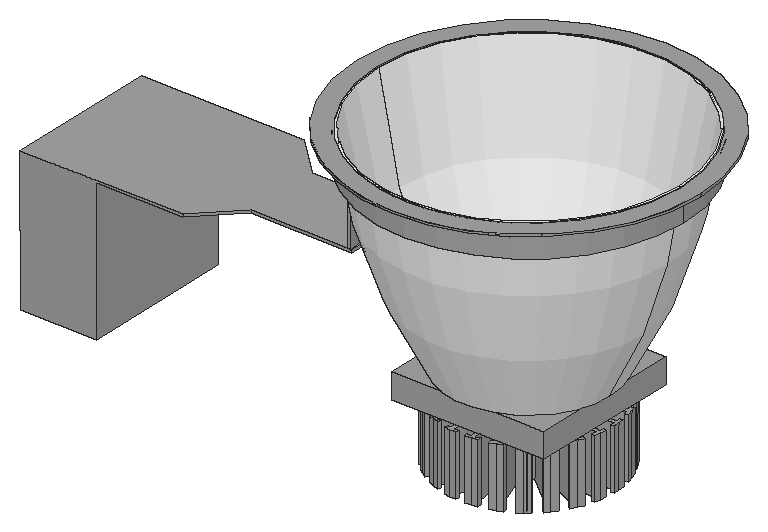
Revit family "RLF8", category Lighting Fixtures, host Face, Revit 2014
Parameters (values of type "RLF8ML-8LFML30L30KDL")
  Wattage Comments = ""
  Wattage = 36 W
  Watt = 36 W
  built-in parameter 1150110 = 1 (stored number, unit not read)
  Voltage = 120 V
  URL = "https://www.hubbell.com/prescolite/en/"
  Type Comments = "Lighting Fixture"  # constant formula
  built-in parameter 1114217 = 1 (stored number, unit not read)
  Tilt Angle = -90.00°
  built-in parameter 1150109 = 1 (stored number, unit not read)
  built-in parameter 1150134 = (empty or 0)
  built-in parameter 1150113 = 1 (stored number, unit not read)
  Product Page URL = "https://www.hubbell.com/hubbelllightingci/en/Products/Lighting-Controls/Commercial-Indoor-Lighting/Recessed-Downlights/RLF8/p/2200698"
  Product Name = "RFL8"  # constant formula
  Product Documentation Link = "https://hubbellcdn.com/specsheet/rtf_013.pdf"
  Power Factor = 1
  Photometric Web Link = "https://www.hubbell.com/hubbelllightingci/en/Products/Lighting-Controls/Commercial-Indoor-Lighting/Recessed-Downlights/RLF8/p/2200698"
  Photometric Web File = "RLF8ML_8LFML30L30KDL.ies"
  Photometric Notes = "More IES files download on Photometric Web Link"  # constant formula
  Model = "RFL8ML"
  Manufacturer = "Prescolite"  # constant formula
  built-in parameter 1150105 = 238.64 (stored number, unit not read)
  Lumens = 2998.8 lm
  built-in parameter 1150115 = 1 (stored number, unit not read)
  Load Classification = Lighting
  built-in parameter 1150137 = (empty or 0)
  built-in parameter 1150139 = (empty or 0)
  built-in parameter 1150112 = 1 (stored number, unit not read)
  built-in parameter 1150114 = 1 (stored number, unit not read)
  Lamp = "LED"  # constant formula
  built-in parameter 1150132 = (empty or 0)
  built-in parameter 1150102 = (empty or 0)
  built-in parameter 1150107 = 3000 (stored number, unit not read)
  built-in parameter 1150138 = (empty or 0)
  built-in parameter 1150106 = 2.3864 (stored number, unit not read)
  Housing Option = RLF8LED : ML
  Reflector = Metal-Hubbell-Aluminum-Reflective
  Feartures = "Light Engine utilizes Philips Fortimo LED module and provides controlled color consistency fixture to fixture\r\n• Glare free optical control\r\n• Minimum 50,000 hour at 70% lumen maintenance system life\r\n• Photometrics tested per IESNA-LM-79-2008 standards\r\n• Non-IC rated. Suitable for wet locations and through wiring\r\n• Luminaires are certified by a National Recognized Testing Lab (NRTL), either UL or CSA.\r\n• NX Distributed Intelligence™ provides options for standalone and networked integrated sensor with wired or\r\n wireless connectivity for NX system deployments"  # constant formula
  Emit from Circle Diameter = 8"  # constant formula
  Emit Shape Visible in Rendering = no
  built-in parameter 1150104 = 7.7388 (stored number, unit not read)
  Dimming Lamp Color Temperature Shift = <None>
  Description = "8'' Remote Phosphor LED Retrofit Downlight"  # constant formula
  Default Elevation = 48"
  Create Date = "12/27/2018"  # constant formula
  Contact Us = "https://www.hubbell.com/prescolite/en/contactUs"
  Color Filter = 16777215
  built-in parameter 1114218 = 1 (stored number, unit not read)
  Housing Material = Aluminum - Hubbell
  built-in parameter 1150133 = 10 (stored number, unit not read)
  Assembly Code = "D5020200"
  Apparent Load = 0 VA
Types (3): name | Wattage | Watt | Product Documentation Link | Photometric Web File | Model | built-in parameter 1150105 | Lumens | built-in parameter 1150106 | Housing Option | built-in parameter 1150104
  RLF8ML-8LFML30L30KDL | 36 W | 36 W | "https://hubbellcdn.com/specsheet/rtf_013.pdf" | "RLF8ML_8LFML30L30KDL.ies" | "RFL8ML" | 238.64 (stored number, unit not read) | 2998.8 lm | 2.3864 (stored number, unit not read) | RLF8LED : ML | 7.7388 (stored number, unit not read)
  RLF8SL-8LFSL11L30K | 14.1 W | 14 W | "https://hubbellcdn.com/specsheet/rtf_012.pdf" | "RLF8SL-8LFSL11L30K.IES" | "RFL8SL" | 82.582 (stored number, unit not read) | 1037.76 lm | 0.82582 (stored number, unit not read) | RLF8LED : SL | 6.8377 (stored number, unit not read)
  RLF8SL-8LFSL15L30K | 19.4 W | 20 W | "https://hubbellcdn.com/specsheet/rtf_012.pdf" | "RLF8SL-8LFSL15L30K.IES" | "RFL8SL" | 111.93 (stored number, unit not read) | 1406.5 lm | 1.1193 (stored number, unit not read) | RLF8LED : SL | 6.7355 (stored number, unit not read)
Reference planes (in)
  plane 1 "Center (Front/Back)": y = 0.03999
  plane 2: z = 0
  plane 3 "Center (Left/Right)": x = -11.50083
  plane 4: z = 0.175
Dimensions and locks (in)
  imposter light to nested 1 = 3.925"
  imposter light to nested 1 = 11 3/4"
  imposter light to nested 1 = 7.925"
  aligned and locked: plane 2 to host face
  aligned and locked: level to host face
  aligned and locked: imposter light to plane 1 "Center (Front/Back)"
  aligned and locked: plane 3 "Center (Left/Right)" to imposter light
  aligned and locked: plane 1 "Center (Front/Back)" to nested 1
  aligned and locked: imposter light to plane 4
Nested families (in)
  nested 1: "RLF8LED" at (-16.00083, 0.03999, 0), type <- "Housing Option", type "ML"
Connectors (in)
  electrical at (-11.50083, 0.03999, -6.17787), driven by "Load Classification", driven by "Voltage", driven by "Apparent Load", driven by "Power Factor"
    settings: on nested 1, index 1, voltage 120 V, apparent load 0 VA, apparent load phase1 0 VA, apparent load phase2 0 VA, apparent load phase3 0 VA, power factor 1, load classification "Lighting", number of poles 1, system type 30, power factor state 1, is connector primary yes, connector utility no, sub classification motor no, connector description "Lighting Connector"
Definition of nested family "RLF8LED"
  Parameters (values of type "SL")
    Wattage Comments = ""
    URL = ""
    Model = ""
    Manufacturer = ""
    ML = no
    Lamp = ""
    Reflector = Metal-Hubbell-Aluminum-Reflective
    Housing = Aluminum - Hubbell
    Description = ""
    Default Elevation = 48"
    Apparent Load = 0 VA
  Types (2): name | ML
    SL | no
    ML | yes
  Reference planes (in)
    plane 1 "Center (Front/Back)": y = 0
    plane 2: z = 0
    plane 3 "Center (Left/Right)": x = 0
    plane 4: y = 4
    plane 5: y = -4
    plane 6: z = -7.75
    plane 7: x = -7.25
    plane 8: z = 0.05
    plane 9: x = 4.5
    plane 10: z = -7.75
    plane 11: z = -6.17787
    plane 12: z = -7.5
    plane 13: z = -3.75
  Forms (in)
    Extrusion 1, solid
      sketch origin (0, 0, 0) x (1, 0, 0) y (0, 1, 0)
        loop
          line (-48, 48) -> (-48, -48) -> (48, -48) -> (48, 48) -> (-48, 48)
      from -0.25 to -1.5
    Revolve 2, solid, material "Metal-Hubbell-Aluminum-Reflective" <- "Reflector"
      sketch origin (0, 0, 0) x (1, 0, 0) y (0, 0, 1)
        loop
          arc (0.5, 0.05) -> (1.13065, -2.84498) -> (2.37994, -5.53159) r 13.44791
          line (2.37994, -5.53159) -> (4.5, -5.53159) -> (4.5, -5.03501) -> (2.15075, -5.03501)
          arc (2.15075, -5.03501) -> (1.09544, -2.57287) -> (0.55106, 0.05) r 13.39713
          line (0.55106, 0.05) -> (0.5, 0.05)
        axis (4.5, 0.05) -> (4.5, -5.53159)
      angle from 0 to 360
    Extrusion 3, solid, material "Aluminum - Hubbell" <- "Housing"
      sketch origin (0, 0, 0) x (1, 0, 0) y (0, 1, 0)
        loop
          line (0, 1) -> (-2, 1) -> (-2.99568, 1.99568) -> (-7.25, 1.99568) -> (-7.25, 0) -> (-7.25, -1.99568) -> (-2.99568, -1.99568) -> (-2, -1) -> (0, -1) -> (0, 1)
      from -3.81292 to -3.75
    Extrusion 4, solid, material "Aluminum - Hubbell" <- "Housing"
      sketch origin (0, 0, 0) x (1, 0, 0) y (0, 1, 0)
        loop
          line (-7.25, 1.99568) -> (-7.25, -1.99568) -> (-5.25, -1.99568) -> (-5.25, 1.99568) -> (-7.25, 1.99568)
      from -3.81292 to -7.5
    Extrusion 5, solid, material "Aluminum - Hubbell" <- "Housing", visible <- "ML"
      sketch origin (2.63379, -180, -4.14055) x (0, -1, 0) y (-1, 0, 0)
        loop
          line (-180.82431, -1.91699) -> (-180.82431, -1.81543) -> (-182.16919, -1.81543) -> (-182.16919, -1.70582) -> (-182.25054, -1.70582) -> (-182.25054, -1.86621) -> (-182.25054, -2.02661) -> (-182.16919, -2.02661) -> (-182.16919, -1.91699) -> (-180.82431, -1.91699)
      from 2.03732 to 3.60945
    Extrusion 6, solid, material "Aluminum - Hubbell" <- "Housing", visible <- "ML"
      sketch origin (-42.07176, -173.88086, -4.14055) x (-0.24869, -0.968583, 0) y (-0.968583, 0.24869, 0)
        loop
          line (-180.82431, -1.91699) -> (-180.82431, -1.81543) -> (-182.16919, -1.81543) -> (-182.16919, -1.70582) -> (-182.25054, -1.70582) -> (-182.25054, -1.86621) -> (-182.25054, -2.02661) -> (-182.16919, -2.02661) -> (-182.16919, -1.91699) -> (-180.82431, -1.91699)
      from 2.03732 to 3.60945
    Extrusion 7, solid, material "Aluminum - Hubbell" <- "Housing", visible <- "ML"
      sketch origin (47.4566, -174.80908, -4.14055) x (0.24869, -0.968583, 0) y (-0.968583, -0.24869, 0)
        loop
          line (-180.82431, -1.91699) -> (-180.82431, -1.81543) -> (-182.16919, -1.81543) -> (-182.16919, -1.70582) -> (-182.25054, -1.70582) -> (-182.25054, -1.86621) -> (-182.25054, -2.02661) -> (-182.16919, -2.02661) -> (-182.16919, -1.91699) -> (-180.82431, -1.91699)
      from 2.03732 to 3.60945
    Extrusion 8, solid, material "Aluminum - Hubbell" <- "Housing", visible <- "ML"
      sketch origin (89.58029, -158.63426, -4.14055) x (0.481754, -0.876307, 0) y (-0.876307, -0.481754, 0)
        loop
          line (-180.82431, -1.91699) -> (-180.82431, -1.81543) -> (-182.16919, -1.81543) -> (-182.16919, -1.70582) -> (-182.25054, -1.70582) -> (-182.25054, -1.86621) -> (-182.25054, -2.02661) -> (-182.16919, -2.02661) -> (-182.16919, -1.91699) -> (-180.82431, -1.91699)
      from 2.03732 to 3.60945
    Extrusion 9, solid, material "Aluminum - Hubbell" <- "Housing", visible <- "ML"
      sketch origin (126.35807, -132.49186, -4.14055) x (0.684547, -0.728969, 0) y (-0.728969, -0.684547, 0)
        loop
          line (-180.82431, -1.91699) -> (-180.82431, -1.81543) -> (-182.16919, -1.81543) -> (-182.16919, -1.70582) -> (-182.25054, -1.70582) -> (-182.25054, -1.86621) -> (-182.25054, -2.02661) -> (-182.16919, -2.02661) -> (-182.16919, -1.91699) -> (-180.82431, -1.91699)
      from 2.03732 to 3.60945
    Extrusion 10, solid, material "Aluminum - Hubbell" <- "Housing", visible <- "ML"
      sketch origin (155.47906, -98.02452, -4.14055) x (0.844328, -0.535827, 0) y (-0.535827, -0.844328, 0)
        loop
          line (-180.82431, -1.91699) -> (-180.82431, -1.81543) -> (-182.16919, -1.81543) -> (-182.16919, -1.70582) -> (-182.25054, -1.70582) -> (-182.25054, -1.86621) -> (-182.25054, -2.02661) -> (-182.16919, -2.02661) -> (-182.16919, -1.91699) -> (-180.82431, -1.91699)
      from 2.03732 to 3.60945
    Extrusion 11, solid, material "Aluminum - Hubbell" <- "Housing", visible <- "ML"
      sketch origin (175.11348, -57.39793, -4.14055) x (0.951057, -0.309017, 0) y (-0.309017, -0.951057, 0)
        loop
          line (-180.82431, -1.91699) -> (-180.82431, -1.81543) -> (-182.16919, -1.81543) -> (-182.16919, -1.70582) -> (-182.25054, -1.70582) -> (-182.25054, -1.86621) -> (-182.25054, -2.02661) -> (-182.16919, -2.02661) -> (-182.16919, -1.91699) -> (-180.82431, -1.91699)
      from 2.03732 to 3.60945
    Extrusion 12, solid, material "Aluminum - Hubbell" <- "Housing", visible <- "ML"
      sketch origin (184.02763, -13.16482, -4.14055) x (0.998027, -0.062791, 0) y (-0.062791, -0.998027, 0)
        loop
          line (-180.82431, -1.91699) -> (-180.82431, -1.81543) -> (-182.16919, -1.81543) -> (-182.16919, -1.70582) -> (-182.25054, -1.70582) -> (-182.25054, -1.86621) -> (-182.25054, -2.02661) -> (-182.16919, -2.02661) -> (-182.16919, -1.91699) -> (-180.82431, -1.91699)
      from 2.03732 to 3.60945
    Extrusion 13, solid, material "Aluminum - Hubbell" <- "Housing", visible <- "ML"
      sketch origin (181.6614, 31.89548, -4.14055) x (0.982287, 0.187381, 0) y (0.187381, -0.982287, 0)
        loop
          line (-180.82431, -1.91699) -> (-180.82431, -1.81543) -> (-182.16919, -1.81543) -> (-182.16919, -1.70582) -> (-182.25054, -1.70582) -> (-182.25054, -1.86621) -> (-182.25054, -2.02661) -> (-182.16919, -2.02661) -> (-182.16919, -1.91699) -> (-180.82431, -1.91699)
      from 2.03732 to 3.60945
    Extrusion 14, solid, material "Aluminum - Hubbell" <- "Housing", visible <- "ML"
      sketch origin (168.16346, 74.95167, -4.14055) x (0.904827, 0.425779, 0) y (0.425779, -0.904827, 0)
        loop
          line (-180.82431, -1.91699) -> (-180.82431, -1.81543) -> (-182.16919, -1.81543) -> (-182.16919, -1.70582) -> (-182.25054, -1.70582) -> (-182.25054, -1.86621) -> (-182.25054, -2.02661) -> (-182.16919, -2.02661) -> (-182.16919, -1.91699) -> (-180.82431, -1.91699)
      from 2.03732 to 3.60945
    Extrusion 15, solid, material "Aluminum - Hubbell" <- "Housing", visible <- "ML"
      sketch origin (144.38195, 113.29838, -4.14055) x (0.770513, 0.637424, 0) y (0.637424, -0.770513, 0)
        loop
          line (-180.82431, -1.91699) -> (-180.82431, -1.81543) -> (-182.16919, -1.81543) -> (-182.16919, -1.70582) -> (-182.25054, -1.70582) -> (-182.25054, -1.86621) -> (-182.25054, -2.02661) -> (-182.16919, -2.02661) -> (-182.16919, -1.91699) -> (-180.82431, -1.91699)
      from 2.03732 to 3.60945
    Extrusion 16, solid, material "Aluminum - Hubbell" <- "Housing", visible <- "ML"
      sketch origin (111.81114, 144.52613, -4.14055) x (0.587785, 0.809017, 0) y (0.809017, -0.587785, 0)
        loop
          line (-180.82431, -1.91699) -> (-180.82431, -1.81543) -> (-182.16919, -1.81543) -> (-182.16919, -1.70582) -> (-182.25054, -1.70582) -> (-182.25054, -1.86621) -> (-182.25054, -2.02661) -> (-182.16919, -2.02661) -> (-182.16919, -1.91699) -> (-180.82431, -1.91699)
      from 2.03732 to 3.60945
    Extrusion 17, solid, material "Aluminum - Hubbell" <- "Housing", visible <- "ML"
      sketch origin (72.49758, 166.67277, -4.14055) x (0.368125, 0.929776, 0) y (0.929776, -0.368125, 0)
        loop
          line (-180.82431, -1.91699) -> (-180.82431, -1.81543) -> (-182.16919, -1.81543) -> (-182.16919, -1.70582) -> (-182.25054, -1.70582) -> (-182.25054, -1.86621) -> (-182.25054, -2.02661) -> (-182.16919, -2.02661) -> (-182.16919, -1.91699) -> (-180.82431, -1.91699)
      from 2.03732 to 3.60945
    Extrusion 18, solid, material "Aluminum - Hubbell" <- "Housing", visible <- "ML"
      sketch origin (28.91148, 178.34675, -4.14055) x (0.125333, 0.992115, 0) y (0.992115, -0.125333, 0)
        loop
          line (-180.82431, -1.91699) -> (-180.82431, -1.81543) -> (-182.16919, -1.81543) -> (-182.16919, -1.70582) -> (-182.25054, -1.70582) -> (-182.25054, -1.86621) -> (-182.25054, -2.02661) -> (-182.16919, -2.02661) -> (-182.16919, -1.91699) -> (-180.82431, -1.91699)
      from 2.03732 to 3.60945
    Extrusion 19, solid, material "Aluminum - Hubbell" <- "Housing", visible <- "ML"
      sketch origin (-16.20848, 178.81454, -4.14055) x (-0.125333, 0.992115, 0) y (0.992115, 0.125333, 0)
        loop
          line (-180.82431, -1.91699) -> (-180.82431, -1.81543) -> (-182.16919, -1.81543) -> (-182.16919, -1.70582) -> (-182.25054, -1.70582) -> (-182.25054, -1.86621) -> (-182.25054, -2.02661) -> (-182.16919, -2.02661) -> (-182.16919, -1.91699) -> (-180.82431, -1.91699)
      from 2.03732 to 3.60945
    Extrusion 20, solid, material "Aluminum - Hubbell" <- "Housing", visible <- "ML"
      sketch origin (-60.02726, 168.04677, -4.14055) x (-0.368125, 0.929776, 0) y (0.929776, 0.368125, 0)
        loop
          line (-180.82431, -1.91699) -> (-180.82431, -1.81543) -> (-182.16919, -1.81543) -> (-182.16919, -1.70582) -> (-182.25054, -1.70582) -> (-182.25054, -1.86621) -> (-182.25054, -2.02661) -> (-182.16919, -2.02661) -> (-182.16919, -1.91699) -> (-180.82431, -1.91699)
      from 2.03732 to 3.60945
    Extrusion 21, solid, material "Aluminum - Hubbell" <- "Housing", visible <- "ML"
      sketch origin (-99.79155, 146.71999, -4.14055) x (-0.587785, 0.809017, 0) y (0.809017, 0.587785, 0)
        loop
          line (-180.82431, -1.91699) -> (-180.82431, -1.81543) -> (-182.16919, -1.81543) -> (-182.16919, -1.70582) -> (-182.25054, -1.70582) -> (-182.25054, -1.86621) -> (-182.25054, -2.02661) -> (-182.16919, -2.02661) -> (-182.16919, -1.91699) -> (-180.82431, -1.91699)
      from 2.03732 to 3.60945
    Extrusion 22, solid, material "Aluminum - Hubbell" <- "Housing", visible <- "ML"
      sketch origin (-133.00281, 116.17426, -4.14055) x (-0.770513, 0.637424, 0) y (0.637424, 0.770513, 0)
        loop
          line (-180.82431, -1.91699) -> (-180.82431, -1.81543) -> (-182.16919, -1.81543) -> (-182.16919, -1.70582) -> (-182.25054, -1.70582) -> (-182.25054, -1.86621) -> (-182.25054, -2.02661) -> (-182.16919, -2.02661) -> (-182.16919, -1.91699) -> (-180.82431, -1.91699)
      from 2.03732 to 3.60945
    Extrusion 23, solid, material "Aluminum - Hubbell" <- "Housing", visible <- "ML"
      sketch origin (-157.57427, 78.32887, -4.14055) x (-0.904827, 0.425779, 0) y (0.425779, 0.904827, 0)
        loop
          line (-180.82431, -1.91699) -> (-180.82431, -1.81543) -> (-182.16919, -1.81543) -> (-182.16919, -1.70582) -> (-182.25054, -1.70582) -> (-182.25054, -1.86621) -> (-182.25054, -2.02661) -> (-182.16919, -2.02661) -> (-182.16919, -1.91699) -> (-180.82431, -1.91699)
      from 2.03732 to 3.60945
    Extrusion 24, solid, material "Aluminum - Hubbell" <- "Housing", visible <- "ML"
      sketch origin (-171.96201, 35.56179, -4.14055) x (-0.982287, 0.187381, 0) y (0.187381, 0.982287, 0)
        loop
          line (-180.82431, -1.91699) -> (-180.82431, -1.81543) -> (-182.16919, -1.81543) -> (-182.16919, -1.70582) -> (-182.25054, -1.70582) -> (-182.25054, -1.86621) -> (-182.25054, -2.02661) -> (-182.16919, -2.02661) -> (-182.16919, -1.91699) -> (-180.82431, -1.91699)
      from 2.03732 to 3.60945
    Extrusion 25, solid, material "Aluminum - Hubbell" <- "Housing", visible <- "ML"
      sketch origin (-175.26199, -9.43976, -4.14055) x (-0.998027, -0.062791, 0) y (-0.062791, 0.998027, 0)
        loop
          line (-180.82431, -1.91699) -> (-180.82431, -1.81543) -> (-182.16919, -1.81543) -> (-182.16919, -1.70582) -> (-182.25054, -1.70582) -> (-182.25054, -1.86621) -> (-182.25054, -2.02661) -> (-182.16919, -2.02661) -> (-182.16919, -1.91699) -> (-180.82431, -1.91699)
      from 2.03732 to 3.60945
    Extrusion 26, solid, material "Aluminum - Hubbell" <- "Housing", visible <- "ML"
      sketch origin (-167.26686, -53.84819, -4.14055) x (-0.951057, -0.309017, 0) y (-0.309017, 0.951057, 0)
        loop
          line (-180.82431, -1.91699) -> (-180.82431, -1.81543) -> (-182.16919, -1.81543) -> (-182.16919, -1.70582) -> (-182.25054, -1.70582) -> (-182.25054, -1.86621) -> (-182.25054, -2.02661) -> (-182.16919, -2.02661) -> (-182.16919, -1.91699) -> (-180.82431, -1.91699)
      from 2.03732 to 3.60945
    Extrusion 27, solid, material "Aluminum - Hubbell" <- "Housing", visible <- "ML"
      sketch origin (-148.47899, -94.87313, -4.14055) x (-0.844328, -0.535827, 0) y (-0.535827, 0.844328, 0)
        loop
          line (-180.82431, -1.91699) -> (-180.82431, -1.81543) -> (-182.16919, -1.81543) -> (-182.16919, -1.70582) -> (-182.25054, -1.70582) -> (-182.25054, -1.86621) -> (-182.25054, -2.02661) -> (-182.16919, -2.02661) -> (-182.16919, -1.91699) -> (-180.82431, -1.91699)
      from 2.03732 to 3.60945
    Extrusion 28, solid, material "Aluminum - Hubbell" <- "Housing", visible <- "ML"
      sketch origin (-120.07889, -129.93684, -4.14055) x (-0.684547, -0.728969, 0) y (-0.728969, 0.684547, 0)
        loop
          line (-180.82431, -1.91699) -> (-180.82431, -1.81543) -> (-182.16919, -1.81543) -> (-182.16919, -1.70582) -> (-182.25054, -1.70582) -> (-182.25054, -1.86621) -> (-182.25054, -2.02661) -> (-182.16919, -2.02661) -> (-182.16919, -1.91699) -> (-180.82431, -1.91699)
      from 2.03732 to 3.60945
    Extrusion 29, solid, material "Aluminum - Hubbell" <- "Housing", visible <- "ML"
      sketch origin (-83.85104, -156.83615, -4.14055) x (-0.481754, -0.876307, 0) y (-0.876307, 0.481754, 0)
        loop
          line (-180.82431, -1.91699) -> (-180.82431, -1.81543) -> (-182.16919, -1.81543) -> (-182.16919, -1.70582) -> (-182.25054, -1.70582) -> (-182.25054, -1.86621) -> (-182.25054, -2.02661) -> (-182.16919, -2.02661) -> (-182.16919, -1.91699) -> (-180.82431, -1.91699)
      from 2.03732 to 3.60945
    Extrusion 30, solid, material "Aluminum - Hubbell" <- "Housing"
      sketch origin (0, 0, 0) x (1, 0, 0) y (0, 0, 1)
        loop
          line (0, -3.81292) -> (0.66067, -3.81292) -> (0.66067, -3.75) -> (0, -3.75) -> (0, -3.81292)
      from -1 to 0.99568
    Extrusion 31, solid, material "Aluminum - Hubbell" <- "Housing"
      sketch origin (1.38379, -180, -4.14055) x (0, -1, 0) y (-1, 0, 0)
        loop
          circle (-180, -3.11621) r 4.07228
        loop
          circle (-180, -3.11621) r 4
      from -4.14055 to -3.37645
    Extrusion 32, solid, material "Aluminum - Hubbell" <- "Housing"
      sketch origin (1.38379, -180, -4.14055) x (0, -1, 0) y (-1, 0, 0)
        loop
          circle (-180, -3.11621) r 4.5
        loop
          circle (-180, -3.11621) r 4
      from -4.19055 to -4.14055
    Extrusion 33, solid, material "Aluminum - Hubbell" <- "Housing"
      sketch origin (1.38379, -180, -4.14055) x (0, -1, 0) y (-1, 0, 0)
        loop
          line (-181, 0.83138) -> (-181, 0.75677)
          arc (-181, 0.75677) -> (-180.00223, 0.88379) -> (-179.00432, 0.75788) r 4
          line (-179.00432, 0.75788) -> (-179.00432, 0.83247)
          arc (-179.00432, 0.83247) -> (-180.00223, 0.95607) -> (-181, 0.83138) r 4.07228
      from -3.37645 to -0.39055
    Revolve 34, void
      sketch origin (0, 0, 0) x (1, 0, 0) y (0, 0, 1)
        loop
          line (2.12188, -5.09246) -> (4.5, -5.09246) -> (4.5, 0.05) -> (0.50469, 0.05)
          arc (0.50469, 0.05) -> (1.04985, -2.60407) -> (2.12188, -5.09246) r 13.29218
        axis (4.5, 0.05) -> (4.5, -5.09246)
      angle from 0 to 360
    Extrusion 35, solid, material "Aluminum - Hubbell" <- "Housing"
      sketch origin (1.25, 0, 0) x (1, 0, 0) y (0, 1, 0)
        loop
          line (1.25, 2) -> (1.25, -2) -> (5.25, -2) -> (5.25, 2) -> (1.25, 2)
      from -6.17787 to -5.53159
    Extrusion 36, solid, material "Aluminum - Hubbell" <- "Housing", visible <- "ML"
      sketch origin (1.25, 0, 0) x (1, 0, 0) y (0, 1, 0)
        loop
          circle (3.25, 0) r 0.82472
      from -7.75 to -6.17787
  Cuts and joins
    joined: Extrusion 3, Extrusion 4, Extrusion 30
    joined: Extrusion 31, Extrusion 33
  Dimensions and locks (in)
    locked: Extrusion 1 to plane 6 at 7.5
    locked: plane 1 "Center (Front/Back)" to Extrusion 3 sketch curve at 1
    Extrusion 3 sketch curve to plane 1 "Center (Front/Back)" = 1"
    locked: plane 9 to plane 3 "Center (Left/Right)" at 4.5
    plane 9 to plane 7 = 11 3/4"
    plane 2 to plane 6 = 7 3/4"
    plane 2 to plane 12 = 7 1/2"
    locked: plane 2 to plane 13 at 3.75
    aligned and locked: Revolve 2 sketch curve to plane 9  (x2)
    aligned and locked: Extrusion 30 to Extrusion 3
    aligned and locked: Extrusion 23 to plane 10
    aligned and locked: Extrusion 22 to plane 10
    aligned and locked: Extrusion 24 to plane 10
    aligned and locked: Extrusion 25 to plane 10
    aligned and locked: Extrusion 26 to plane 10
    aligned and locked: Extrusion 27 to plane 10
    aligned and locked: Extrusion 21 to plane 10
    aligned and locked: Extrusion 28 to plane 10
    aligned and locked: Extrusion 20 to plane 10
    aligned and locked: Extrusion 29 to plane 10
    aligned and locked: Extrusion 19 to plane 10
    aligned and locked: Extrusion 14 to plane 10
    aligned and locked: Extrusion 15 to plane 10
    aligned and locked: Extrusion 13 to plane 10
    aligned and locked: Extrusion 12 to plane 10
    aligned and locked: Extrusion 17 to plane 10
    aligned and locked: Extrusion 16 to plane 10
    aligned and locked: Extrusion 11 to plane 10
    aligned and locked: Extrusion 10 to plane 10
    aligned and locked: Extrusion 9 to plane 10
    aligned and locked: Extrusion 8 to plane 10
    aligned and locked: Extrusion 7 to plane 10
    aligned and locked: Extrusion 18 to plane 10
    aligned and locked: Extrusion 5 to plane 10
    aligned and locked: Extrusion 6 to plane 10
    aligned and locked: plane 11 to Extrusion 21
    aligned and locked: plane 11 to Extrusion 22
    aligned and locked: plane 11 to Extrusion 23
    aligned and locked: plane 11 to Extrusion 24
    aligned and locked: plane 11 to Extrusion 25
    aligned and locked: plane 11 to Extrusion 26
    aligned and locked: plane 11 to Extrusion 27
    aligned and locked: plane 11 to Extrusion 28
    aligned and locked: plane 11 to Extrusion 20
    aligned and locked: plane 11 to Extrusion 29
    aligned and locked: plane 11 to Extrusion 6
    aligned and locked: plane 11 to Extrusion 19
    aligned and locked: plane 11 to Extrusion 18
    aligned and locked: plane 11 to Extrusion 5
    aligned and locked: plane 11 to Extrusion 17
    aligned and locked: plane 11 to Extrusion 16
    aligned and locked: plane 11 to Extrusion 8
    aligned and locked: plane 11 to Extrusion 9
    aligned and locked: plane 11 to Extrusion 15
    aligned and locked: plane 11 to Extrusion 14
    aligned and locked: plane 11 to Extrusion 13
    aligned and locked: plane 11 to Extrusion 12
    aligned and locked: plane 11 to Extrusion 11
    aligned and locked: plane 11 to Extrusion 10
    aligned and locked: plane 11 to Extrusion 7
    aligned and locked: cut or joined group of Extrusion 3, Extrusion 4, Extrusion 30 to plane 7  (x2)
    aligned and locked: Extrusion 23 to plane 6
    aligned and locked: Extrusion 36 to plane 6
    aligned and locked: Extrusion 35 to plane 11
    aligned and locked: plane 11 to Extrusion 36
    aligned and locked: Revolve 34 sketch curve to plane 9
    aligned and locked: plane 9 to Revolve 34 sketch curve
